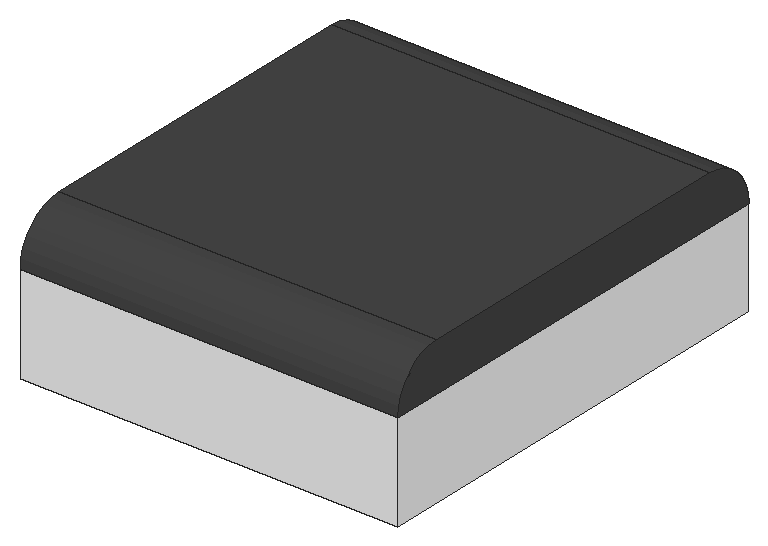
Revit family "Domotics-DomesticRanges-GEWISS-CHORUS_SIGNALLING-RINGER_BUZZER", category Apparecchi elettrici, host Superficie, Revit 2016
Family settings
  Host = Superficie
  Mantenere orientamento annotazione = Sì
  Tipo di parte = Normale
  Quota connettore circolare = Usa diametro
  Taglio con vuoti quando caricato = Sì
  Condiviso = Sì
  Punto di calcolo locali = Sì
Parameters (values of type "GW14612 - Ringer, 3 ind inputs 230V-50hz 2M titanium")
  larghezza = 32 mm
  finitura = Titanio
  Version file RFA = "19.0"
  URL = "https://www.gewiss.com/ww/en"
  Type: = "3 shades"
  Type = "3 shades"
  Technical sheet = "https://www.gewiss.com/ww/en/search?q=GW14612"
  Supply voltage = "230V ac - 50 Hz"
  Sound intensity = "80 dB (at 1 m)"
  Simbolo [instance] = yes
  SEO = "Ringer"
  Realized by GEWISS S.p.A. = ""
  Default Elevation = 1219.2 mm
  Produttore = "GEWISS S.p.A."
  Power input = "6VA"
  Offset_suoneria/ronzatore [instance] = 0 mm
  Offset_bidimensionale [instance] = 2 mm
  No. Chorus modules: = "2"
  No. Chorus modules = "2"
  Modello = "GW14612"
  Max power consumption = "6VA"
  Immagine tipo = GW14612.jpg
  IFC.TypeObject = ""
  IFC.ExportType = ""
  IFC.ExportAs = ""
  IDT = "523baa4e-081c-4c4c-8f65-c97c42e469a2"
  IDF = "a0c2cdf7-cc94-41eb-b049-a8570d956207"
  Electrocod = "0132"
  EAN code = "8011564268371"
  Distanza_effettiva_x [instance] = 1500 mm - Distanza_x  # 1500 mm
  Distanza_x [instance] = 0 mm
  Descrizione = "RINGER, 3 IND INPUTS 230VAC-50Hz 2M T"
  Description. = "Ringer (3 inputs)"
  Colour = "Titanium"
  Catalogue Range = "CHORUS - DOMESTIC RANGE"
  Catalogue = "DOMOTICS"
  COBie.Tagnumber = ""
  COBie.CreatedOn = ""
  COBie.CreatebBy = ""
  COBie.ComponentRegisterItemID = ""
  COBie.Component.TagNumber = ""
  COBie.Component.Space = ""
  COBie.Component.SerialNumber = ""
  COBie.Component.InstallationDate = ""
  COBie.Component.Description = ""
  COBie.Component.BarCode = ""
  2M = yes
  1M = no
Types (18, lengths in mm): name | larghezza | finitura | Type: | Type | Technical sheet | Supply voltage | Sound intensity | SEO | Power input | No. Chorus modules: | No. Chorus modules | Modello | Max power consumption | Immagine tipo | IDT | EAN code | Descrizione | Description. | Colour | 2M | 1M
  GW10601 - Ringer, 12Vac-50hz 8VA 1M white | 16 | Bianco | "" | "" | "https://www.gewiss.com/ww/en/search?q=GW10601" | "12V ac - 50 Hz" | "80 dB (at 1 m)" | "Ringer" | "8VA" | "1" | "1" | "GW10601" | "8VA" | GW10601.jpg | "a72dfb89-cc47-4a95-9d65-06300a5ef7d4" | "8011564259492" | "RINGER, 12VAC-50Hz 8VA 1M WHITE" | "Bell" | "White" | no | yes
  GW10602 - Ringer, 230V-50hz 8VA 1M white | 16 | Bianco | "" | "" | "https://www.gewiss.com/ww/en/search?q=GW10602" | "230V ac - 50 Hz" | "80 dB (at 1 m)" | "Ringer" | "8VA" | "1" | "1" | "GW10602" | "8VA" | GW10602.jpg | "36f1b64f-d672-49c0-bbf6-a439cabb358e" | "8011564259485" | "RINGER, 230VAC-50Hz 8VA 1M WHITE" | "Bell" | "White" | no | yes
  GW10606 - Buzzer, 12Vac-50hz 8VA 1M white | 16 | Bianco | "" | "" | "https://www.gewiss.com/ww/en/search?q=GW10606" | "12V ac - 50 Hz" | "70 dB (at 1 m)" | "Buzzer" | "8VA" | "1" | "1" | "GW10606" | "8VA" | GW10606.jpg | "74ad37be-bf13-4604-9819-c29312575aba" | "8011564259478" | "BUZZER, 12VAC-50Hz 8VA 1M WHITE" | "Buzzer" | "White" | no | yes
  GW10607 - Buzzer, 230V-50hz 8VA 1M white | 16 | Bianco | "" | "" | "https://www.gewiss.com/ww/en/search?q=GW10607" | "230V ac - 50 Hz" | "70 dB (at 1 m)" | "Buzzer" | "8VA" | "1" | "1" | "GW10607" | "8VA" | GW10607.jpg | "7c3056f5-a4d7-4678-87ca-758a31049e83" | "8011564259461" | "BUZZER, 230VAC-50Hz 8VA 1M WHITE" | "Buzzer" | "White" | no | yes
  GW10611 - Ringer, 3 ind inputs 12V ac/dc 2M white | 32 | Bianco | "3 shades" | "3 shades" | "https://www.gewiss.com/ww/en/search?q=GW10611" | "12V ac/dc" | "80 dB (at 1 m)" | "Ringer" | "3VA" | "2" | "2" | "GW10611" | "3VA" | GW10611.jpg | "44e8f8a2-eab6-41ae-86e0-0894c2cfeb77" | "8011564260894" | "RINGER, 3 IND INPUTS 12V AC/DC 2M WHITE" | "Ringer (3 inputs)" | "White" | yes | no
  GW10612 - Ringer 3 ind inputs 230V-50hz 2M white | 32 | Bianco | "3 shades" | "3 shades" | "https://www.gewiss.com/ww/en/search?q=GW10612" | "230V ac - 50 Hz" | "80 dB (at 1 m)" | "Ringer" | "6VA" | "2" | "2" | "GW10612" | "6VA" | GW10612.jpg | "4b9a691b-ebc3-4241-9e07-a7e7ec3c50d9" | "8011564260900" | "RINGER 3 IND INPUTS 230VAC-50Hz 2M WHITE" | "Ringer (3 inputs)" | "White" | yes | no
  GW12601 - Ringer 12Vac-50hz 8VA 1M black | 16 | Nero | "" | "" | "https://www.gewiss.com/ww/en/search?q=GW12601" | "12V ac - 50 Hz" | "80 dB (at 1 m)" | "Ringer" | "8VA" | "1" | "1" | "GW12601" | "8VA" | GW12601.jpg | "eb0cf7e1-05a3-4f80-a03d-940a4603adaa" | "8011564269194" | "RINGER 12VAC-50Hz 8VA 1M BLACK" | "Bell" | "Black" | no | yes
  GW12602 - Ringer 230V-50hz 8VA 1M black | 16 | Nero | "" | "" | "https://www.gewiss.com/ww/en/search?q=GW12602" | "230V ac - 50 Hz" | "80 dB (at 1 m)" | "Ringer" | "8VA" | "1" | "1" | "GW12602" | "8VA" | GW12602.jpg | "a7095622-d2d7-4920-bcec-857940861349" | "8011564269200" | "RINGER 230VAC-50Hz 8VA 1M BLACK" | "Bell" | "Black" | no | yes
  GW12606 - Buzzer 12Vac-50hz 8VA 1M black | 16 | Nero | "" | "" | "https://www.gewiss.com/ww/en/search?q=GW12606" | "12V ac - 50 Hz" | "70 dB (at 1 m)" | "Buzzer" | "8VA" | "1" | "1" | "GW12606" | "8VA" | GW12606.jpg | "c748e4da-0056-48c3-be76-c77c44c2aeef" | "8011564269217" | "BUZZER 12VAC-50Hz 8VA 1M BLACK" | "Buzzer" | "Black" | no | yes
  GW12607 - Buzzer 230V-50hz 8VA 1M black | 16 | Nero | "" | "" | "https://www.gewiss.com/ww/en/search?q=GW12607" | "230V ac - 50 Hz" | "70 dB (at 1 m)" | "Buzzer" | "8VA" | "1" | "1" | "GW12607" | "8VA" | GW12607.jpg | "4f9f2b4f-e13a-4e70-ad2b-83dd554085a9" | "8011564269224" | "BUZZER 230VAC-50Hz 8VA 1M BLACK" | "Buzzer" | "Black" | no | yes
  GW12611 - Ringer 3 ind inputs 12V ac/dc 2M black | 32 | Nero | "3 shades" | "3 shades" | "https://www.gewiss.com/ww/en/search?q=GW12611" | "12V ac/dc" | "80 dB (at 1 m)" | "Ringer" | "3VA" | "2" | "2" | "GW12611" | "3VA" | GW12611.jpg | "cbbe571a-f7ec-491a-a850-792d692bd465" | "8011564267947" | "RINGER 3 IND INPUTS 12V AC/DC 2M BLACK" | "Ringer (3 inputs)" | "Black" | yes | no
  GW12612 - Ringer 3 ind inputs 230V-50hz 2M black | 32 | Nero | "3 shades" | "3 shades" | "https://www.gewiss.com/ww/en/search?q=GW12612" | "230V ac - 50 Hz" | "80 dB (at 1 m)" | "Ringer" | "6VA" | "2" | "2" | "GW12612" | "6VA" | GW12612.jpg | "53e5ab5d-7711-45fc-8f15-aadb60dc8b57" | "8011564267954" | "RINGER 3 IND INPUTS 230VAC-50Hz 2M BLACK" | "Ringer (3 inputs)" | "Black" | yes | no
  GW14601 - Ringer, 12Vac-50hz 8VA 1M titanium | 16 | Titanio | "" | "" | "https://www.gewiss.com/ww/en/search?q=GW14601" | "12V ac - 50 Hz" | "80 dB (at 1 m)" | "Ringer" | "8VA" | "1" | "1" | "GW14601" | "8VA" | GW14601.jpg | "e3a47a25-1482-4f89-8898-7f515af820d6" | "8011564268203" | "RINGER, 12VAC-50Hz 8VA 1M TITANIUM" | "Bell" | "Titanium" | no | yes
  GW14602 - Ringer, 230V-50hz 8VA 1M titanium | 16 | Titanio | "" | "" | "https://www.gewiss.com/ww/en/search?q=GW14602" | "230V ac - 50 Hz" | "80 dB (at 1 m)" | "Ringer" | "8VA" | "1" | "1" | "GW14602" | "8VA" | GW14602.jpg | "54a7b5c3-01b5-43c2-8889-3f352eb3c2dd" | "8011564268258" | "RINGER, 230VAC-50Hz 8VA 1M TITANIUM" | "Bell" | "Titanium" | no | yes
  GW14606 - Buzzer, 12Vac-50hz 8VA 1M titanium | 16 | Titanio | "" | "" | "https://www.gewiss.com/ww/en/search?q=GW14606" | "12V ac - 50 Hz" | "70 dB (at 1 m)" | "Buzzer" | "8VA" | "1" | "1" | "GW14606" | "8VA" | GW14606.jpg | "5331b7df-38f4-40d9-8db3-a37920d14d1c" | "8011564268289" | "BUZZER, 12VAC-50Hz 8VA 1M TITANIUM" | "Buzzer" | "Titanium" | no | yes
  GW14607 - Buzzer, 230V-50hz 8VA 1M titanium | 16 | Titanio | "" | "" | "https://www.gewiss.com/ww/en/search?q=GW14607" | "230V ac - 50 Hz" | "70 dB (at 1 m)" | "Buzzer" | "8VA" | "1" | "1" | "GW14607" | "8VA" | GW14607.jpg | "070e3ff6-a93b-443d-aa27-b40795837702" | "8011564268319" | "BUZZER, 230VAC-50Hz 8VA 1M TITANIUM" | "Buzzer" | "Titanium" | no | yes
  GW14611 - Ringer, 3 ind inputs 12V ac/dc 2M titanium | 32 | Titanio | "3 shades" | "3 shades" | "https://www.gewiss.com/ww/en/search?q=GW14611" | "12V ac/dc" | "80 dB (at 1 m)" | "Ringer" | "3VA" | "2" | "2" | "GW14611" | "3VA" | GW14611.jpg | "f68535b4-2eb8-4503-8abb-b8ed055ee33b" | "8011564268340" | "RINGER, 3 IND INPUTS 12V AC/DC 2M T" | "Ringer (3 inputs)" | "Titanium" | yes | no
  GW14612 - Ringer, 3 ind inputs 230V-50hz 2M titanium | 32 | Titanio | "3 shades" | "3 shades" | "https://www.gewiss.com/ww/en/search?q=GW14612" | "230V ac - 50 Hz" | "80 dB (at 1 m)" | "Ringer" | "6VA" | "2" | "2" | "GW14612" | "6VA" | GW14612.jpg | "523baa4e-081c-4c4c-8f65-c97c42e469a2" | "8011564268371" | "RINGER, 3 IND INPUTS 230VAC-50Hz 2M T" | "Ringer (3 inputs)" | "Titanium" | yes | no
Reference planes
  plane 1 "Centro (Fronte/Retro)": y = 0
  plane 2: z = 0
  plane 3 "Centro (Sinistra/Destra)": x = 0
  plane 4: x = 0
  plane 5: x = -1500
  plane 6: z = 0
  plane 7: z = 15
  plane 8: z = 17
  plane 9: x = -16
  plane 10: x = 16
  plane 11: y = 22.561
  plane 12: y = -22.561
Lines and regions (mm)
  Masking region 1, detail levels coarse
    outline origin (0, 0, 0) x (1, 0, 0) y (0, 0, 1)
      loop
        line (-16, 15) -> (-16, 0) -> (16, 0) -> (16, 15) -> (-16, 15)
  model lines, style "ElectricalFixtures", visible <- "1M", not visible, detail levels coarse
    curve 1: arc (-179.643, 76.89, 47) -> (-179.202, 75.825, 47) -> (-178.137, 75.384, 47) r 1.506
    curve 2: arc (-178.137, 95.577, 47) -> (-179.202, 95.136, 47) -> (-179.643, 94.071, 47) r 1.506
    curve 3: arc (-160.956, 75.384, 47) -> (-159.891, 75.825, 47) -> (-159.45, 76.89, 47) r 1.506
    curve 4: arc (-159.45, 94.071, 47) -> (-159.891, 95.136, 47) -> (-160.956, 95.577, 47) r 1.506
    curve 5: arc (-177.072, 94.071, 47) -> (-177.825, 93.76, 47) -> (-178.136, 93.007, 47) r 1.064
    curve 6: arc (-162.021, 76.888, 47) -> (-161.268, 77.2, 47) -> (-160.956, 77.954, 47) r 1.066
    curve 7: arc (-160.956, 93.007, 47) -> (-161.268, 93.759, 47) -> (-162.021, 94.071, 47) r 1.065
    curve 8: arc (-178.136, 77.944, 47) -> (-177.84, 77.21, 47) -> (-177.118, 76.888, 47) r 1.057
    curve 9: line (-179.643, 76.89, 47) -> (-179.643, 94.071, 47)
    curve 10: line (-160.956, 95.577, 47) -> (-178.137, 95.577, 47)
    curve 11: line (-160.956, 75.384, 47) -> (-178.137, 75.384, 47)
    curve 12: line (-159.45, 76.89, 47) -> (-159.45, 94.071, 47)
    curve 13: line (-181.166, 62.981, 47) -> (-181.166, 107.981, 47)
    curve 14: line (-181.166, 107.981, 47) -> (-158.166, 107.981, 47)
    curve 15: line (-158.166, 107.981, 47) -> (-158.166, 62.981, 47)
    curve 16: line (-158.166, 62.981, 47) -> (-181.166, 62.981, 47)
    curve 17: line (-162.021, 76.888, 47) -> (-177.118, 76.888, 47)
    curve 18: line (-160.956, 93.007, 47) -> (-160.956, 77.954, 47)
    curve 19: line (-177.072, 94.071, 47) -> (-162.021, 94.071, 47)
    curve 20: line (-178.136, 77.944, 47) -> (-178.136, 93.007, 47)
    curve 21: line (-175.861, 94.071, 47) -> (-175.861, 94.454, 47)
    curve 22: line (-175.861, 94.454, 47) -> (-174.516, 94.454, 47)
    curve 23: line (-174.516, 94.454, 47) -> (-174.516, 94.071, 47)
    curve 24: line (-172.1, 94.071, 47) -> (-172.1, 94.454, 47)
    curve 25: line (-172.1, 94.454, 47) -> (-170.755, 94.454, 47)
    curve 26: line (-170.755, 94.454, 47) -> (-170.755, 94.071, 47)
    curve 27: line (-168.338, 94.071, 47) -> (-168.338, 94.454, 47)
    curve 28: line (-168.338, 94.454, 47) -> (-166.994, 94.454, 47)
    curve 29: line (-166.994, 94.454, 47) -> (-166.994, 94.071, 47)
    curve 30: line (-164.577, 94.071, 47) -> (-164.577, 94.454, 47)
    curve 31: line (-164.577, 94.454, 47) -> (-163.233, 94.454, 47)
    curve 32: line (-163.233, 94.454, 47) -> (-163.233, 94.071, 47)
    curve 33: line (-175.861, 76.888, 47) -> (-175.861, 76.507, 47)
    curve 34: line (-175.861, 76.507, 47) -> (-174.516, 76.507, 47)
    curve 35: line (-174.516, 76.507, 47) -> (-174.516, 76.888, 47)
    curve 36: line (-172.1, 76.888, 47) -> (-172.1, 76.507, 47)
    curve 37: line (-172.1, 76.507, 47) -> (-170.755, 76.507, 47)
    curve 38: line (-170.755, 76.507, 47) -> (-170.755, 76.888, 47)
    curve 39: line (-168.338, 76.888, 47) -> (-168.338, 76.507, 47)
    curve 40: line (-168.338, 76.507, 47) -> (-166.994, 76.507, 47)
    curve 41: line (-166.994, 76.507, 47) -> (-166.994, 76.888, 47)
    curve 42: line (-164.577, 76.888, 47) -> (-164.577, 76.507, 47)
    curve 43: line (-164.577, 76.507, 47) -> (-163.233, 76.507, 47)
    curve 44: line (-163.233, 76.507, 47) -> (-163.233, 76.888, 47)
    curve 45: line (-178.136, 79.167, 47) -> (-178.52, 79.167, 47)
    curve 46: line (-178.52, 79.167, 47) -> (-178.52, 80.511, 47)
    curve 47: line (-178.52, 80.511, 47) -> (-178.136, 80.511, 47)
    curve 48: line (-178.136, 82.928, 47) -> (-178.52, 82.928, 47)
    curve 49: line (-178.52, 82.928, 47) -> (-178.52, 84.272, 47)
    curve 50: line (-178.52, 84.272, 47) -> (-178.136, 84.272, 47)
    curve 51: line (-178.136, 86.689, 47) -> (-178.52, 86.689, 47)
    curve 52: line (-178.52, 86.689, 47) -> (-178.52, 88.034, 47)
    curve 53: line (-178.52, 88.034, 47) -> (-178.136, 88.034, 47)
    curve 54: line (-178.136, 90.45, 47) -> (-178.52, 90.45, 47)
    curve 55: line (-178.52, 90.45, 47) -> (-178.52, 91.795, 47)
    curve 56: line (-178.52, 91.795, 47) -> (-178.136, 91.795, 47)
    curve 57: line (-160.956, 79.167, 47) -> (-160.573, 79.167, 47)
    curve 58: line (-160.573, 79.167, 47) -> (-160.573, 80.511, 47)
    curve 59: line (-160.573, 80.511, 47) -> (-160.956, 80.511, 47)
    curve 60: line (-160.956, 82.928, 47) -> (-160.573, 82.928, 47)
    curve 61: line (-160.573, 82.928, 47) -> (-160.573, 84.272, 47)
    curve 62: line (-160.573, 84.272, 47) -> (-160.956, 84.272, 47)
    curve 63: line (-160.956, 86.689, 47) -> (-160.573, 86.689, 47)
    curve 64: line (-160.573, 86.689, 47) -> (-160.573, 88.034, 47)
    curve 65: line (-160.573, 88.034, 47) -> (-160.956, 88.034, 47)
    curve 66: line (-160.956, 90.45, 47) -> (-160.573, 90.45, 47)
    curve 67: line (-160.573, 90.45, 47) -> (-160.573, 91.795, 47)
    curve 68: line (-160.573, 91.795, 47) -> (-160.956, 91.795, 47)
  symbolic lines, style "InvisibleLines", not visible
    curve 69: line (-169.666, 107.981, 0) -> (-169.666, 62.981, 0)
  model lines, style "ElectricalFixtures", visible <- "2M", not visible, detail levels coarse
    curve 70: arc (86.065, 59.818, 47) -> (86.445, 58.9, 47) -> (87.363, 58.52, 47) r 1.298
    curve 71: arc (87.363, 75.932, 47) -> (86.445, 75.552, 47) -> (86.065, 74.634, 47) r 1.298
    curve 72: arc (125.46, 58.52, 47) -> (126.379, 58.9, 47) -> (126.759, 59.818, 47) r 1.298
    curve 73: arc (126.759, 74.634, 47) -> (126.379, 75.552, 47) -> (125.46, 75.932, 47) r 1.298
    curve 74: arc (88.282, 74.634, 47) -> (87.633, 74.365, 47) -> (87.364, 73.716, 47) r 0.918
    curve 75: arc (124.542, 59.818, 47) -> (125.191, 60.087, 47) -> (125.46, 60.736, 47) r 0.918
    curve 76: arc (125.46, 73.716, 47) -> (125.192, 74.365, 47) -> (124.542, 74.634, 47) r 0.918
    curve 77: arc (87.364, 60.728, 47) -> (87.62, 60.096, 47) -> (88.242, 59.818, 47) r 0.911
    curve 78: line (83.121, 44.658, 47) -> (83.121, 89.658, 47)
    curve 79: line (83.121, 89.658, 47) -> (129.121, 89.658, 47)
    curve 80: line (129.121, 89.658, 47) -> (129.121, 44.658, 47)
    curve 81: line (129.121, 44.658, 47) -> (83.121, 44.658, 47)
    curve 82: line (86.065, 59.818, 47) -> (86.065, 74.634, 47)
    curve 83: line (125.46, 75.932, 47) -> (87.363, 75.932, 47)
    curve 84: line (125.46, 58.52, 47) -> (87.363, 58.52, 47)
    curve 85: line (126.759, 59.818, 47) -> (126.759, 74.634, 47)
    curve 86: line (124.542, 59.818, 47) -> (88.242, 59.818, 47)
    curve 87: line (125.46, 73.716, 47) -> (125.46, 60.736, 47)
    curve 88: line (88.282, 74.634, 47) -> (124.542, 74.634, 47)
    curve 89: line (87.364, 60.728, 47) -> (87.364, 73.716, 47)
    curve 90: line (89.616, 74.634, 47) -> (89.616, 74.964, 47)
    curve 91: line (89.616, 74.964, 47) -> (90.776, 74.964, 47)
    curve 92: line (90.776, 74.964, 47) -> (90.776, 74.634, 47)
    curve 93: line (92.86, 74.634, 47) -> (92.86, 74.964, 47)
    curve 94: line (92.86, 74.964, 47) -> (94.019, 74.964, 47)
    curve 95: line (94.019, 74.964, 47) -> (94.019, 74.634, 47)
    curve 96: line (96.103, 74.634, 47) -> (96.103, 74.964, 47)
    curve 97: line (96.103, 74.964, 47) -> (97.262, 74.964, 47)
    curve 98: line (97.262, 74.964, 47) -> (97.262, 74.634, 47)
    curve 99: line (99.346, 74.634, 47) -> (99.346, 74.964, 47)
    curve 100: line (99.346, 74.964, 47) -> (100.505, 74.964, 47)
    curve 101: line (100.505, 74.964, 47) -> (100.505, 74.634, 47)
    curve 102: line (102.589, 74.634, 47) -> (102.589, 74.964, 47)
    curve 103: line (102.589, 74.964, 47) -> (103.748, 74.964, 47)
    curve 104: line (103.748, 74.964, 47) -> (103.748, 74.634, 47)
    curve 105: line (105.832, 74.634, 47) -> (105.832, 74.964, 47)
    curve 106: line (105.832, 74.964, 47) -> (106.992, 74.964, 47)
    curve 107: line (106.992, 74.964, 47) -> (106.992, 74.634, 47)
    curve 108: line (109.075, 74.634, 47) -> (109.075, 74.964, 47)
    curve 109: line (109.075, 74.964, 47) -> (110.235, 74.964, 47)
    curve 110: line (110.235, 74.964, 47) -> (110.235, 74.634, 47)
    curve 111: line (112.318, 74.634, 47) -> (112.318, 74.964, 47)
    curve 112: line (112.318, 74.964, 47) -> (113.478, 74.964, 47)
    curve 113: line (113.478, 74.964, 47) -> (113.478, 74.634, 47)
    curve 114: line (115.562, 74.634, 47) -> (115.562, 74.964, 47)
    curve 115: line (115.562, 74.964, 47) -> (116.721, 74.964, 47)
    curve 116: line (116.721, 74.964, 47) -> (116.721, 74.634, 47)
    curve 117: line (118.805, 74.634, 47) -> (118.805, 74.964, 47)
    curve 118: line (118.805, 74.964, 47) -> (119.964, 74.964, 47)
    curve 119: line (119.964, 74.964, 47) -> (119.964, 74.634, 47)
    curve 120: line (122.048, 74.634, 47) -> (122.048, 74.964, 47)
    curve 121: line (122.048, 74.964, 47) -> (123.207, 74.964, 47)
    curve 122: line (123.207, 74.964, 47) -> (123.207, 74.634, 47)
    curve 123: line (89.616, 59.818, 47) -> (89.616, 59.489, 47)
    curve 124: line (89.616, 59.489, 47) -> (90.776, 59.489, 47)
    curve 125: line (90.776, 59.489, 47) -> (90.776, 59.818, 47)
    curve 126: line (92.86, 59.818, 47) -> (92.86, 59.489, 47)
    curve 127: line (92.86, 59.489, 47) -> (94.019, 59.489, 47)
    curve 128: line (94.019, 59.489, 47) -> (94.019, 59.818, 47)
    curve 129: line (96.103, 59.818, 47) -> (96.103, 59.489, 47)
    curve 130: line (96.103, 59.489, 47) -> (97.262, 59.489, 47)
    curve 131: line (97.262, 59.489, 47) -> (97.262, 59.818, 47)
    curve 132: line (99.346, 59.818, 47) -> (99.346, 59.489, 47)
    curve 133: line (99.346, 59.489, 47) -> (100.505, 59.489, 47)
    curve 134: line (100.505, 59.489, 47) -> (100.505, 59.818, 47)
    curve 135: line (102.589, 59.818, 47) -> (102.589, 59.489, 47)
    curve 136: line (102.589, 59.489, 47) -> (103.748, 59.489, 47)
    curve 137: line (103.748, 59.489, 47) -> (103.748, 59.818, 47)
    curve 138: line (105.832, 59.818, 47) -> (105.832, 59.489, 47)
    curve 139: line (105.832, 59.489, 47) -> (106.992, 59.489, 47)
    curve 140: line (106.992, 59.489, 47) -> (106.992, 59.818, 47)
    curve 141: line (109.075, 59.818, 47) -> (109.075, 59.489, 47)
    curve 142: line (109.075, 59.489, 47) -> (110.235, 59.489, 47)
    curve 143: line (110.235, 59.489, 47) -> (110.235, 59.818, 47)
    curve 144: line (112.318, 59.818, 47) -> (112.318, 59.489, 47)
    curve 145: line (112.318, 59.489, 47) -> (113.478, 59.489, 47)
    curve 146: line (113.478, 59.489, 47) -> (113.478, 59.818, 47)
    curve 147: line (115.562, 59.818, 47) -> (115.562, 59.489, 47)
    curve 148: line (115.562, 59.489, 47) -> (116.721, 59.489, 47)
    curve 149: line (116.721, 59.489, 47) -> (116.721, 59.818, 47)
    curve 150: line (118.805, 59.818, 47) -> (118.805, 59.489, 47)
    curve 151: line (118.805, 59.489, 47) -> (119.964, 59.489, 47)
    curve 152: line (119.964, 59.489, 47) -> (119.964, 59.818, 47)
    curve 153: line (122.048, 59.818, 47) -> (122.048, 59.489, 47)
    curve 154: line (122.048, 59.489, 47) -> (123.207, 59.489, 47)
    curve 155: line (123.207, 59.489, 47) -> (123.207, 59.818, 47)
    curve 156: line (87.364, 61.782, 47) -> (87.033, 61.782, 47)
    curve 157: line (87.033, 61.782, 47) -> (87.033, 62.941, 47)
    curve 158: line (87.033, 62.941, 47) -> (87.364, 62.941, 47)
    curve 159: line (87.364, 65.025, 47) -> (87.033, 65.025, 47)
    curve 160: line (87.033, 65.025, 47) -> (87.033, 66.184, 47)
    curve 161: line (87.033, 66.184, 47) -> (87.364, 66.184, 47)
    curve 162: line (87.364, 68.268, 47) -> (87.033, 68.268, 47)
    curve 163: line (87.033, 68.268, 47) -> (87.033, 69.427, 47)
    curve 164: line (87.033, 69.427, 47) -> (87.364, 69.427, 47)
    curve 165: line (87.364, 71.511, 47) -> (87.033, 71.511, 47)
    curve 166: line (87.033, 71.511, 47) -> (87.033, 72.671, 47)
    curve 167: line (87.033, 72.671, 47) -> (87.364, 72.671, 47)
    curve 168: line (125.46, 61.782, 47) -> (125.79, 61.782, 47)
    curve 169: line (125.79, 61.782, 47) -> (125.79, 62.941, 47)
    curve 170: line (125.79, 62.941, 47) -> (125.46, 62.941, 47)
    curve 171: line (125.46, 65.025, 47) -> (125.79, 65.025, 47)
    curve 172: line (125.79, 65.025, 47) -> (125.79, 66.184, 47)
    curve 173: line (125.79, 66.184, 47) -> (125.46, 66.184, 47)
    curve 174: line (125.46, 68.268, 47) -> (125.79, 68.268, 47)
    curve 175: line (125.79, 68.268, 47) -> (125.79, 69.427, 47)
    curve 176: line (125.79, 69.427, 47) -> (125.46, 69.427, 47)
    curve 177: line (125.46, 71.511, 47) -> (125.79, 71.511, 47)
    curve 178: line (125.79, 71.511, 47) -> (125.79, 72.671, 47)
    curve 179: line (125.79, 72.671, 47) -> (125.46, 72.671, 47)
  model lines, style "ElectricalFixtures", visible <- "2M", detail levels coarse
    curve 180: arc (-20.056, -7.339, 16) -> (-19.676, -8.257, 16) -> (-18.757, -8.638, 16) r 1.298
    curve 181: arc (-18.757, 8.774, 16) -> (-19.676, 8.394, 16) -> (-20.056, 7.476, 16) r 1.298
    curve 182: arc (19.34, -8.638, 16) -> (20.258, -8.257, 16) -> (20.638, -7.339, 16) r 1.298
    curve 183: arc (20.638, 7.476, 16) -> (20.258, 8.394, 16) -> (19.34, 8.774, 16) r 1.298
    curve 184: arc (-17.839, 7.476, 16) -> (-18.488, 7.207, 16) -> (-18.757, 6.558, 16) r 0.918
    curve 185: arc (18.421, -7.34, 16) -> (19.071, -7.071, 16) -> (19.34, -6.422, 16) r 0.918
    curve 186: arc (19.34, 6.558, 16) -> (19.071, 7.207, 16) -> (18.422, 7.476, 16) r 0.918
    curve 187: arc (-18.757, -6.43, 16) -> (-18.501, -7.062, 16) -> (-17.878, -7.34, 16) r 0.911
    curve 188: line (-23, -22.5, 16) -> (-23, 22.5, 16)
    curve 189: line (-23, 22.5, 16) -> (23, 22.5, 16)
    curve 190: line (23, 22.5, 16) -> (23, -22.5, 16)
    curve 191: line (23, -22.5, 16) -> (-23, -22.5, 16)
    curve 192: line (-20.056, -7.339, 16) -> (-20.056, 7.476, 16)
    curve 193: line (19.34, 8.774, 16) -> (-18.757, 8.774, 16)
    curve 194: line (19.34, -8.638, 16) -> (-18.757, -8.638, 16)
    curve 195: line (20.638, -7.339, 16) -> (20.638, 7.476, 16)
    curve 196: line (18.421, -7.34, 16) -> (-17.878, -7.34, 16)
    curve 197: line (19.34, 6.558, 16) -> (19.34, -6.422, 16)
    curve 198: line (-17.839, 7.476, 16) -> (18.422, 7.476, 16)
    curve 199: line (-18.757, -6.43, 16) -> (-18.757, 6.558, 16)
    curve 200: line (-16.504, 7.476, 16) -> (-16.504, 7.806, 16)
    curve 201: line (-16.504, 7.806, 16) -> (-15.345, 7.806, 16)
    curve 202: line (-15.345, 7.806, 16) -> (-15.345, 7.476, 16)
    curve 203: line (-13.261, 7.476, 16) -> (-13.261, 7.806, 16)
    curve 204: line (-13.261, 7.806, 16) -> (-12.102, 7.806, 16)
    curve 205: line (-12.102, 7.806, 16) -> (-12.102, 7.476, 16)
    curve 206: line (-10.018, 7.476, 16) -> (-10.018, 7.806, 16)
    curve 207: line (-10.018, 7.806, 16) -> (-8.859, 7.806, 16)
    curve 208: line (-8.859, 7.806, 16) -> (-8.859, 7.476, 16)
    curve 209: line (-6.775, 7.476, 16) -> (-6.775, 7.806, 16)
    curve 210: line (-6.775, 7.806, 16) -> (-5.615, 7.806, 16)
    curve 211: line (-5.615, 7.806, 16) -> (-5.615, 7.476, 16)
    curve 212: line (-3.532, 7.476, 16) -> (-3.532, 7.806, 16)
    curve 213: line (-3.532, 7.806, 16) -> (-2.372, 7.806, 16)
    curve 214: line (-2.372, 7.806, 16) -> (-2.372, 7.476, 16)
    curve 215: line (-0.289, 7.476, 16) -> (-0.289, 7.806, 16)
    curve 216: line (-0.289, 7.806, 16) -> (0.871, 7.806, 16)
    curve 217: line (0.871, 7.806, 16) -> (0.871, 7.476, 16)
    curve 218: line (2.955, 7.476, 16) -> (2.955, 7.806, 16)
    curve 219: line (2.955, 7.806, 16) -> (4.114, 7.806, 16)
    curve 220: line (4.114, 7.806, 16) -> (4.114, 7.476, 16)
    curve 221: line (6.198, 7.476, 16) -> (6.198, 7.806, 16)
    curve 222: line (6.198, 7.806, 16) -> (7.357, 7.806, 16)
    curve 223: line (7.357, 7.806, 16) -> (7.357, 7.476, 16)
    curve 224: line (9.441, 7.476, 16) -> (9.441, 7.806, 16)
    curve 225: line (9.441, 7.806, 16) -> (10.6, 7.806, 16)
    curve 226: line (10.6, 7.806, 16) -> (10.6, 7.476, 16)
    curve 227: line (12.684, 7.476, 16) -> (12.684, 7.806, 16)
    curve 228: line (12.684, 7.806, 16) -> (13.843, 7.806, 16)
    curve 229: line (13.843, 7.806, 16) -> (13.843, 7.476, 16)
    curve 230: line (15.927, 7.476, 16) -> (15.927, 7.806, 16)
    curve 231: line (15.927, 7.806, 16) -> (17.087, 7.806, 16)
    curve 232: line (17.087, 7.806, 16) -> (17.087, 7.476, 16)
    curve 233: line (-16.504, -7.34, 16) -> (-16.504, -7.669, 16)
    curve 234: line (-16.504, -7.669, 16) -> (-15.345, -7.669, 16)
    curve 235: line (-15.345, -7.669, 16) -> (-15.345, -7.34, 16)
    curve 236: line (-13.261, -7.34, 16) -> (-13.261, -7.669, 16)
    curve 237: line (-13.261, -7.669, 16) -> (-12.102, -7.669, 16)
    curve 238: line (-12.102, -7.669, 16) -> (-12.102, -7.34, 16)
    curve 239: line (-10.018, -7.34, 16) -> (-10.018, -7.669, 16)
    curve 240: line (-10.018, -7.669, 16) -> (-8.859, -7.669, 16)
    curve 241: line (-8.859, -7.669, 16) -> (-8.859, -7.34, 16)
    curve 242: line (-6.775, -7.34, 16) -> (-6.775, -7.669, 16)
    curve 243: line (-6.775, -7.669, 16) -> (-5.615, -7.669, 16)
    curve 244: line (-5.615, -7.669, 16) -> (-5.615, -7.34, 16)
    curve 245: line (-3.532, -7.34, 16) -> (-3.532, -7.669, 16)
    curve 246: line (-3.532, -7.669, 16) -> (-2.372, -7.669, 16)
    curve 247: line (-2.372, -7.669, 16) -> (-2.372, -7.34, 16)
    curve 248: line (-0.289, -7.34, 16) -> (-0.289, -7.669, 16)
    curve 249: line (-0.289, -7.669, 16) -> (0.871, -7.669, 16)
    curve 250: line (0.871, -7.669, 16) -> (0.871, -7.34, 16)
    curve 251: line (2.955, -7.34, 16) -> (2.955, -7.669, 16)
    curve 252: line (2.955, -7.669, 16) -> (4.114, -7.669, 16)
    curve 253: line (4.114, -7.669, 16) -> (4.114, -7.34, 16)
    curve 254: line (6.198, -7.34, 16) -> (6.198, -7.669, 16)
    curve 255: line (6.198, -7.669, 16) -> (7.357, -7.669, 16)
    curve 256: line (7.357, -7.669, 16) -> (7.357, -7.34, 16)
    curve 257: line (9.441, -7.34, 16) -> (9.441, -7.669, 16)
    curve 258: line (9.441, -7.669, 16) -> (10.6, -7.669, 16)
    curve 259: line (10.6, -7.669, 16) -> (10.6, -7.34, 16)
    curve 260: line (12.684, -7.34, 16) -> (12.684, -7.669, 16)
    curve 261: line (12.684, -7.669, 16) -> (13.843, -7.669, 16)
    curve 262: line (13.843, -7.669, 16) -> (13.843, -7.34, 16)
    curve 263: line (15.927, -7.34, 16) -> (15.927, -7.669, 16)
    curve 264: line (15.927, -7.669, 16) -> (17.087, -7.669, 16)
    curve 265: line (17.087, -7.669, 16) -> (17.087, -7.34, 16)
    curve 266: line (-18.757, -5.376, 16) -> (-19.087, -5.376, 16)
    curve 267: line (-19.087, -5.376, 16) -> (-19.087, -4.217, 16)
    curve 268: line (-19.087, -4.217, 16) -> (-18.757, -4.217, 16)
    curve 269: line (-18.757, -2.133, 16) -> (-19.087, -2.133, 16)
    curve 270: line (-19.087, -2.133, 16) -> (-19.087, -0.973, 16)
    curve 271: line (-19.087, -0.973, 16) -> (-18.757, -0.973, 16)
    curve 272: line (-18.757, 1.11, 16) -> (-19.087, 1.11, 16)
    curve 273: line (-19.087, 1.11, 16) -> (-19.087, 2.27, 16)
    curve 274: line (-19.087, 2.27, 16) -> (-18.757, 2.27, 16)
    curve 275: line (-18.757, 4.353, 16) -> (-19.087, 4.353, 16)
    curve 276: line (-19.087, 4.353, 16) -> (-19.087, 5.513, 16)
    curve 277: line (-19.087, 5.513, 16) -> (-18.757, 5.513, 16)
    curve 278: line (19.34, -5.376, 16) -> (19.67, -5.376, 16)
    curve 279: line (19.67, -5.376, 16) -> (19.67, -4.217, 16)
    curve 280: line (19.67, -4.217, 16) -> (19.34, -4.217, 16)
    curve 281: line (19.34, -2.133, 16) -> (19.67, -2.133, 16)
    curve 282: line (19.67, -2.133, 16) -> (19.67, -0.973, 16)
    curve 283: line (19.67, -0.973, 16) -> (19.34, -0.973, 16)
    curve 284: line (19.34, 1.11, 16) -> (19.67, 1.11, 16)
    curve 285: line (19.67, 1.11, 16) -> (19.67, 2.27, 16)
    curve 286: line (19.67, 2.27, 16) -> (19.34, 2.27, 16)
    curve 287: line (19.34, 4.353, 16) -> (19.67, 4.353, 16)
    curve 288: line (19.67, 4.353, 16) -> (19.67, 5.513, 16)
    curve 289: line (19.67, 5.513, 16) -> (19.34, 5.513, 16)
  model lines, style "ElectricalFixtures", visible <- "1M", detail levels coarse
    curve 290: arc (-9.977, -8.591, 16) -> (-9.536, -9.655, 16) -> (-8.471, -10.097, 16) r 1.506
    curve 291: arc (-8.471, 10.097, 16) -> (-9.536, 9.655, 16) -> (-9.977, 8.591, 16) r 1.506
    curve 292: arc (8.71, -10.097, 16) -> (9.775, -9.655, 16) -> (10.216, -8.591, 16) r 1.506
    curve 293: arc (10.216, 8.591, 16) -> (9.775, 9.655, 16) -> (8.71, 10.097, 16) r 1.506
    curve 294: arc (-7.406, 8.591, 16) -> (-8.159, 8.279, 16) -> (-8.47, 7.526, 16) r 1.064
    curve 295: arc (7.645, -8.593, 16) -> (8.398, -8.281, 16) -> (8.71, -7.527, 16) r 1.066
    curve 296: arc (8.71, 7.526, 16) -> (8.398, 8.279, 16) -> (7.646, 8.591, 16) r 1.065
    curve 297: arc (-8.47, -7.537, 16) -> (-8.174, -8.27, 16) -> (-7.452, -8.593, 16) r 1.057
    curve 298: line (-9.977, -8.591, 16) -> (-9.977, 8.591, 16)
    curve 299: line (8.71, 10.097, 16) -> (-8.471, 10.097, 16)
    curve 300: line (8.71, -10.097, 16) -> (-8.471, -10.097, 16)
    curve 301: line (10.216, -8.591, 16) -> (10.216, 8.591, 16)
    curve 302: line (-11.5, -22.5, 16) -> (-11.5, 22.5, 16)
    curve 303: line (-11.5, 22.5, 16) -> (11.5, 22.5, 16)
    curve 304: line (11.5, 22.5, 16) -> (11.5, -22.5, 16)
    curve 305: line (11.5, -22.5, 16) -> (-11.5, -22.5, 16)
    curve 306: line (7.645, -8.593, 16) -> (-7.452, -8.593, 16)
    curve 307: line (8.71, 7.526, 16) -> (8.71, -7.527, 16)
    curve 308: line (-7.406, 8.591, 16) -> (7.646, 8.591, 16)
    curve 309: line (-8.47, -7.537, 16) -> (-8.47, 7.526, 16)
    curve 310: line (-6.195, 8.591, 16) -> (-6.195, 8.973, 16)
    curve 311: line (-6.195, 8.973, 16) -> (-4.85, 8.973, 16)
    curve 312: line (-4.85, 8.973, 16) -> (-4.85, 8.591, 16)
    curve 313: line (-2.433, 8.591, 16) -> (-2.433, 8.973, 16)
    curve 314: line (-2.433, 8.973, 16) -> (-1.089, 8.973, 16)
    curve 315: line (-1.089, 8.973, 16) -> (-1.089, 8.591, 16)
    curve 316: line (1.328, 8.591, 16) -> (1.328, 8.973, 16)
    curve 317: line (1.328, 8.973, 16) -> (2.672, 8.973, 16)
    curve 318: line (2.672, 8.973, 16) -> (2.672, 8.591, 16)
    curve 319: line (5.089, 8.591, 16) -> (5.089, 8.973, 16)
    curve 320: line (5.089, 8.973, 16) -> (6.433, 8.973, 16)
    curve 321: line (6.433, 8.973, 16) -> (6.433, 8.591, 16)
    curve 322: line (-6.195, -8.593, 16) -> (-6.195, -8.973, 16)
    curve 323: line (-6.195, -8.973, 16) -> (-4.85, -8.973, 16)
    curve 324: line (-4.85, -8.973, 16) -> (-4.85, -8.593, 16)
    curve 325: line (-2.433, -8.593, 16) -> (-2.433, -8.973, 16)
    curve 326: line (-2.433, -8.973, 16) -> (-1.089, -8.973, 16)
    curve 327: line (-1.089, -8.973, 16) -> (-1.089, -8.593, 16)
    curve 328: line (1.328, -8.593, 16) -> (1.328, -8.973, 16)
    curve 329: line (1.328, -8.973, 16) -> (2.672, -8.973, 16)
    curve 330: line (2.672, -8.973, 16) -> (2.672, -8.593, 16)
    curve 331: line (5.089, -8.593, 16) -> (5.089, -8.973, 16)
    curve 332: line (5.089, -8.973, 16) -> (6.433, -8.973, 16)
    curve 333: line (6.433, -8.973, 16) -> (6.433, -8.593, 16)
    curve 334: line (-8.47, -6.314, 16) -> (-8.854, -6.314, 16)
    curve 335: line (-8.854, -6.314, 16) -> (-8.854, -4.969, 16)
    curve 336: line (-8.854, -4.969, 16) -> (-8.47, -4.969, 16)
    curve 337: line (-8.47, -2.553, 16) -> (-8.854, -2.553, 16)
    curve 338: line (-8.854, -2.553, 16) -> (-8.854, -1.208, 16)
    curve 339: line (-8.854, -1.208, 16) -> (-8.47, -1.208, 16)
    curve 340: line (-8.47, 1.208, 16) -> (-8.854, 1.208, 16)
    curve 341: line (-8.854, 1.208, 16) -> (-8.854, 2.553, 16)
    curve 342: line (-8.854, 2.553, 16) -> (-8.47, 2.553, 16)
    curve 343: line (-8.47, 4.969, 16) -> (-8.854, 4.969, 16)
    curve 344: line (-8.854, 4.969, 16) -> (-8.854, 6.314, 16)
    curve 345: line (-8.854, 6.314, 16) -> (-8.47, 6.314, 16)
    curve 346: line (8.71, -6.314, 16) -> (9.093, -6.314, 16)
    curve 347: line (9.093, -6.314, 16) -> (9.093, -4.969, 16)
    curve 348: line (9.093, -4.969, 16) -> (8.71, -4.969, 16)
    curve 349: line (8.71, -2.553, 16) -> (9.093, -2.553, 16)
    curve 350: line (9.093, -2.553, 16) -> (9.093, -1.208, 16)
    curve 351: line (9.093, -1.208, 16) -> (8.71, -1.208, 16)
    curve 352: line (8.71, 1.208, 16) -> (9.093, 1.208, 16)
    curve 353: line (9.093, 1.208, 16) -> (9.093, 2.553, 16)
    curve 354: line (9.093, 2.553, 16) -> (8.71, 2.553, 16)
    curve 355: line (8.71, 4.969, 16) -> (9.093, 4.969, 16)
    curve 356: line (9.093, 4.969, 16) -> (9.093, 6.314, 16)
    curve 357: line (9.093, 6.314, 16) -> (8.71, 6.314, 16)
  symbolic lines, style "InvisibleLines"
    curve 358: line (0, 22.5, -31) -> (0, -22.5, -31)
Dimensions and locks
  "Distanza_effettiva_x": plane 5 to plane 4
  plane 5 to plane 3 "Centro (Sinistra/Destra)" = 1500 mm
  "Offset_bidimensionale": plane 8 to plane 7
  locked: plane 7 to plane 6 at 15
  "Offset_suoneria/ronzatore": plane 6 to plane 2
  equal spacing: plane 9, plane 3 "Centro (Sinistra/Destra)", plane 10
  "larghezza": plane 9 to plane 10
  locked: plane 11 to plane 12 at 45.122
  aligned and locked: plane 2 to host face
  aligned and locked: level to host face
  aligned and locked: plane 6 to Masking region 1 sketch curve
  aligned and locked: Masking region 1 sketch curve to plane 10
  aligned and locked: Masking region 1 sketch curve to plane 7
  aligned and locked: plane 9 to Masking region 1 sketch curve
  aligned and locked: plane 6 to nested 1
  aligned and locked: plane 4 to nested 2
  aligned and locked: nested 1 to plane 1 "Centro (Fronte/Retro)"
  aligned and locked: nested 1 to plane 3 "Centro (Sinistra/Destra)"
Automatic sketch dimensions
  host sketch curve to host sketch curve = 2438.4 mm  (x2)
  curve 69 to curve 69 = 45 mm
  curve 358 to curve 358 = 45 mm
Nested families
  nested 1: "Chorus Suonerie Ronzatori_GENERICO" at (0, 0, 0) x (-1, 0, 0) z (0, 0, 1), type "GW10601 Suoneria 12Vac-50Hz 8VA 1M bianco", detail levels medium+fine
    with Altezza da Terra 750 mm, Larghezza 32 mm
  nested 2: "SUON-RONZ" at (0, -49.1, 0), SIMBOLO VISIBILE <- "Simbolo", type "SUONERIA"
    with Distanza dal muro 4.208 mm, BORDO ACCESO yes
Definition of nested family "Chorus Suonerie Ronzatori_GENERICO"
  Parameters (values of type "GW14612 Suoneria 3 ingressi 230Vac-50Hz 2M titanio")
    Sp_base = 10 mm
    Larghezza = 39 mm
    Finitura Chorus Ronzatore = none
    Altezza da Terra [instance] = 750 mm
  Types (18, lengths in mm): name | Larghezza
    GW10601 Suoneria 12Vac-50Hz 8VA 1M bianco | 16
    GW10602 Suoneria 230Vac-50Hz 8VA 1M bianco | 16
    GW10606 Ronzatore 12Vac-50Hz 8VA 1M bianco | 16
    GW10607 Ronzatore 230Vac-50Hz 8VA 1M bianco | 16
    GW10611 Suoneria 3 ingressi 12Vac/dc 2M bianco | 39
    GW10612 Suoneria 3 ingressi 230Vac-50Hz 2M bianco | 39
    GW12601 Suoneria 12Vac-50Hz 8VA 1M nero | 16
    GW12602 Suoneria 230Vac-50Hz 8VA 1M nero | 16
    GW12606 Ronzatore 12Vac-50Hz 8VA 1M nero | 16
    GW12607 Ronzatore 230Vac-50Hz 8VA 1M nero | 16
    GW12611 Suoneria 3 ingressi 12Vac/dc 2M nero | 39
    GW12612 Suoneria 3 ingressi 230Vac-50Hz 2M nero | 39
    GW14601 Suoneria 12Vac-50Hz 8VA 1M titanio | 16
    GW14602 Suoneria 230Vac-50Hz 8VA 1M titanio | 16
    GW14606 Ronzatore 12Vac-50Hz 8VA 1M titanio | 16
    GW14607 Ronzatore 230Vac-50Hz 8VA 1M titanio | 16
    GW14611 Suoneria 3 ingressi 12Vac/dc 2M titanio | 39
    GW14612 Suoneria 3 ingressi 230Vac-50Hz 2M titanio | 39
  Reference planes
    plane 1 "Centro (Fronte/Retro)": y = 0
    plane 2: z = 0
    plane 3 "Centro (Sinistra/Destra)": x = 0
    plane 4: y = -22.495
    plane 5: x = -22.903
    plane 6: x = 22.903
    plane 7: y = 22.505
    plane 8: y = 5
    plane 9: x = -19.5
    plane 10: x = 19.5
    plane 11: y = 10.102
    plane 12: y = -10.091
    plane 13 "1": z = 15
    plane 14: z = 10
  Forms (mm)
    Extrusion 1, solid, material <- "Finitura Chorus Ronzatore"
      sketch origin (0, -772.495, 12.5) x (0, 0, -1) y (0, 1, 0)
        loop
          line (-2.5, 790) -> (-2.5, 755)
          arc (-2.5, 755) -> (-1.036, 751.464) -> (2.5, 750) r 5
          line (2.5, 750) -> (2.5, 795)
          arc (2.5, 795) -> (-1.036, 793.536) -> (-2.5, 790) r 5
      from -22.903 to 22.903
    Extrusion 2, solid
      sketch origin (0, 0, 0) x (1, 0, 0) y (0, 1, 0)
        loop
          line (-22.903, 22.505) -> (-22.903, -22.495) -> (22.903, -22.495) -> (22.903, 22.505) -> (-22.903, 22.505)
      from 0 to 10
  Lines and regions (mm)
    model lines, detail levels medium+fine
      curve 1: line (-18.266, 10.102, 15) -> (18.266, 10.102, 15)
      curve 2: line (-19.5, -8.857, 15) -> (-19.5, 8.857, 15)
      curve 3: line (18.266, -10.091, 15) -> (-18.266, -10.091, 15)
      curve 4: line (19.5, 8.857, 15) -> (19.5, -8.857, 15)
      curve 5: arc (-18.266, -10.091, 15) -> (-19.139, -9.73, 15) -> (-19.5, -8.857, 15) r 1.234
      curve 6: arc (18.266, -10.091, 15) -> (19.139, -9.73, 15) -> (19.5, -8.857, 15) r 1.234
      curve 7: arc (-18.266, 10.091, 15) -> (-19.139, 9.73, 15) -> (-19.5, 8.857, 15) r 1.234
      curve 8: arc (18.266, 10.091, 15) -> (19.139, 9.73, 15) -> (19.5, 8.857, 15) r 1.234
    model lines, detail levels fine
      curve 9: line (-18, 8.602, 15) -> (18, 8.602, 15)
      curve 10: line (-18, -8.591, 15) -> (-18, 8.602, 15)
      curve 11: line (18, -8.591, 15) -> (-18, -8.591, 15)
      curve 12: line (18, 8.602, 15) -> (18, -8.591, 15)
  Dimensions and locks
    equal spacing: plane 6, plane 3 "Centro (Sinistra/Destra)", plane 5
    locked: plane 9 to plane 5 at 3.403
    locked: plane 10 to plane 6 at 3.403
    equal spacing: plane 9, plane 3 "Centro (Sinistra/Destra)", plane 10
    "Larghezza": plane 9 to plane 10
    locked: plane 7 to plane 4 at 45
    plane 13 "1" to level = 15 mm
    plane 13 "1" to plane 14 = 5 mm
    plane 14 to plane 2 = 10 mm
    aligned and locked: level to plane 2
    aligned and locked: plane 5 to Extrusion 1
    aligned and locked: Extrusion 1 to plane 6
    aligned and locked: curve 1 to plane 11
    aligned and locked: plane 9 to curve 2
    aligned and locked: plane 12 to curve 3
    aligned and locked: plane 10 to curve 4
    aligned and locked: plane 13 "1" to Extrusion 1
    aligned and locked: plane 6 to Extrusion 2 sketch curve
    aligned and locked: Extrusion 2 sketch curve to plane 7
    aligned and locked: plane 5 to Extrusion 2 sketch curve
    aligned and locked: plane 4 to Extrusion 2 sketch curve
    aligned and locked: Extrusion 2 to Extrusion 1
    aligned and locked: Extrusion 2 to level
  Automatic sketch dimensions
    curve 8 to plane 11 = 1.244 mm
    curve 7 to plane 11 = 1.244 mm
    curve 6 to curve 3 = 1.234 mm
    curve 5 to curve 5 = 1.234 mm
    curve 2 to curve 7 = 1.234 mm
    curve 8 to curve 9 = 0.256 mm
    curve 11 to curve 5 = 0.266 mm
    curve 1 to curve 7 = 0 mm
    curve 5 to curve 11 = 0.266 mm
    curve 9 to curve 8 = 0.266 mm
    curve 11 to curve 6 = 0.266 mm
    curve 1 to curve 8 = 0 mm
    Extrusion 1 sketch curve to plane 13 "1" = 0 mm
    Extrusion 1 sketch curve to plane 4 = 0 mm  (x2)
    Extrusion 1 sketch curve to plane 14 = 0 mm  (x3)
    Extrusion 1 sketch curve to plane 7 = 0 mm  (x2)
Definition of nested family "SUON-RONZ"
  Parameters (values of type "SUONERIAE")
    SIMBOLO VISIBILE [instance] = yes
    SIMBOLO = SUON-RONZ_BASE : SUONERIAE
    Distanza dal muro [instance] = 4.208 mm
    BORDO ACCESO [instance] = yes
  Types (3, lengths in mm): name | SIMBOLO
    SUONERIA | SUON-RONZ_BASE : SUONERIA
    SUONERIAE | SUON-RONZ_BASE : SUONERIAE
    RONZATORE | SUON-RONZ_BASE : RONZATORE
  Reference planes
    plane 1: y = 0
    plane 2: x = 0
  Dimensions and locks
    "Distanza dal muro": plane 1 to nested 1
    aligned and locked: plane 2 to nested 1
  Nested families
    nested 1: "SUON-RONZ_BASE" at (0, 4.208, 0), type <- "SIMBOLO", visible <- "SIMBOLO VISIBILE", type "SUONERIAE"
  Definition of nested family "SUON-RONZ_BASE"
    Parameters (values of type "SUONERIAE")
      SUONERIAE = yes
      SUONERIA = no
      RONZATORE = no
      Distanza dal muro = 4.208 mm
      BORDO ACCESO [instance] = yes
    Types (3, lengths in mm): name | SUONERIAE | SUONERIA | RONZATORE
      SUONERIA | no | yes | no
      SUONERIAE | yes | no | no
      RONZATORE | no | no | yes
    Reference planes
      plane 1: y = 0
      plane 2: x = 0
    Lines and regions (mm)
      detail lines, visible <- "BORDO ACCESO", not visible
        curve 1: line (-1.743, 9.208, 0) -> (2.057, 9.208, 0)
        curve 2: line (2.057, 9.208, 0) -> (2.057, 4.208, 0)
        curve 3: line (2.057, 4.208, 0) -> (-1.743, 4.208, 0)
        curve 4: line (-1.743, 4.208, 0) -> (-1.743, 9.208, 0)
        curve 5: line (-1.543, 9.008, 0) -> (1.857, 9.008, 0)
        curve 6: line (1.857, 9.008, 0) -> (1.857, 4.408, 0)
        curve 7: line (1.857, 4.408, 0) -> (-1.543, 4.408, 0)
        curve 8: line (-1.543, 4.408, 0) -> (-1.543, 9.008, 0)
      detail lines, visible <- "SUONERIA"
        curve 9: line (0.79, 1.049, 0) -> (-0.79, 1.049, 0)
        curve 10: line (-0.327, 0.46, 0) -> (-0.327, 1.049, 0)
        curve 11: line (0.327, 0.46, 0) -> (0.327, 1.049, 0)
        curve 12: arc (-0.79, 1.049, 0) -> (0, 1.84, 0) -> (0.79, 1.049, 0) r 0.79
        curve 13: arc (-0.451, 1.444, 0) -> (-0.234, 1.592, 0) -> (-0.017, 1.444, 0) r 0.233
        curve 14: arc (0.417, 1.444, 0) -> (0.2, 1.295, 0) -> (-0.017, 1.444, 0) r 0.233
      detail lines, visible <- "SUONERIAE"
        curve 15: line (0.79, 1.049, 0) -> (-0.79, 1.049, 0)
        curve 16: line (-0.327, 0.46, 0) -> (-0.327, 1.049, 0)
        curve 17: line (0.327, 0.46, 0) -> (0.327, 1.049, 0)
        curve 18: arc (-0.79, 1.049, 0) -> (0, 1.84, 0) -> (0.79, 1.049, 0) r 0.79
      detail lines, visible <- "RONZATORE"
        curve 19: line (-0.327, 0.539, 0) -> (-0.327, 1.12, 0)
        curve 20: line (0.327, 0.539, 0) -> (0.327, 1.12, 0)
        curve 21: arc (-0.451, 1.522, 0) -> (-0.234, 1.671, 0) -> (-0.017, 1.522, 0) r 0.233
        curve 22: arc (0.417, 1.522, 0) -> (0.2, 1.373, 0) -> (-0.017, 1.522, 0) r 0.233
        curve 23: line (0.79, 1.84, 0) -> (-0.79, 1.84, 0)
        curve 24: arc (-0.79, 1.84, 0) -> (0, 1.049, 0) -> (0.79, 1.84, 0) r 0.79
